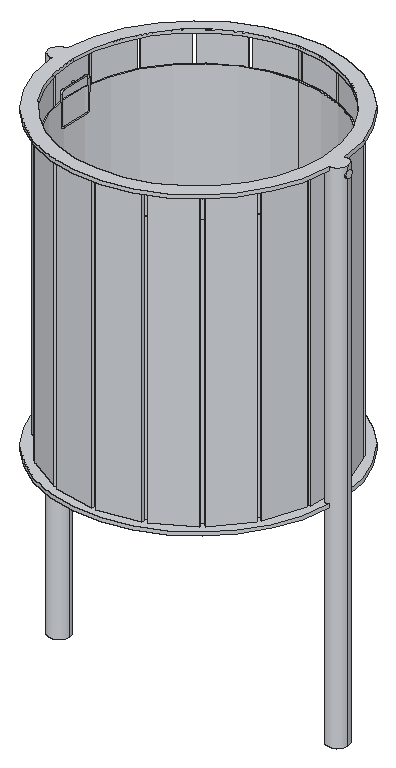
Revit family "Урна уличная круглая «Палермо компо»", category Антураж, Revit 2017
Family settings
  На основе рабочей плоскости = Нет
  Всегда вертикально = Да
  При загрузке вырезать с полостями = Нет
  Источник визуального образа = Геометрия семейства
  Общий = Нет
  Точка расчета площади = Нет
Parameters (values of type "Урна уличная круглая «Палермо компо»")
  Стоимость = 18360
  Изготовитель = "ООО \"Хоббика\""
  Высота = 0 mm
  URL = "https://hobbyka.ru/product/urna_ulichnaya_kruglaya_palermo_kompo/#close_popup_window"
  ADSK_Размер_Ширина = 440 mm
  ADSK_Размер_Глубина = 400 mm
  ADSK_Размер_Высота = 765 mm
  ADSK_Объем = 40.00 m³
  ADSK_Наименование = "Урна уличная круглая «Палермо компо»"
  ADSK_Материал урны = none
  ADSK_Материал ламелей = none
  ADSK_Материал ведра = none
  ADSK_Код изделия = "9677"
  ADSK_Вес = 20.00 kg  # constant formula
Types (3, lengths in mm): name | Изготовитель | URL | ADSK_Наименование | ADSK_Код изделия
  (no name) | "ООО \"Хоббика\"" | "https://hobbyka.ru/product/urna_ulichnaya_kruglaya_palermo_kompo/#close_popup_window" | "Урна уличная круглая «Палермо компо»" | "9677"
  Урна уличная круглая «Палермо натур» | "Хоббика" | "https://hobbyka.ru/product/urna_ulichnaya_kruglaya_palermo/" | "" | ""
  Урна уличная круглая «Палермо компо» | "ООО \"Хоббика\"" | "https://hobbyka.ru/product/urna_ulichnaya_kruglaya_palermo_kompo/#close_popup_window" | "Урна уличная круглая «Палермо компо»" | "9677"
Reference planes
  plane 1 "По центру (Вперед/Назад)": y = 0
  plane 2: z = 0
  plane 3 "По центру (Влево/Вправо)": x = 0
  plane 4: z = 315
  plane 5: z = 320
  plane 6: z = 760
  plane 7: z = 765
  plane 8 "Слева": x = -219.825
  plane 9 "Справа": x = 219.825
Forms (mm)
  Extrusion 1, solid, material <- "ADSK_Материал урны"
    sketch origin (0, 0, 0) x (1, 0, 0) y (0, 1, 0)
      loop
        circle (0, 0) r 204.991
    from 315 to 320
  Extrusion 2, solid, material <- "ADSK_Материал урны"
    sketch origin (0, 0, 445) x (1, 0, 0) y (0, 1, 0)
      loop
        circle (0, 0) r 204.991
      loop
        circle (0, 0) r 184.991
    from 315 to 320
  Extrusion 3, solid, material <- "ADSK_Материал урны"
    sketch origin (0, 0, 0) x (1, 0, 0) y (0, 1, 0)
      loop
        circle (-204.815, 0) r 15
      loop
        circle (204.991, 0) r 15
    from 0 to 765
  Revolve 4, solid, material <- "ADSK_Материал ведра"
    sketch origin (0, 0, 0) x (0, 1, 0) y (0, 0, 1)
      loop
        line (185, 720) -> (183.63, 720) -> (183.63, 321.648) -> (0, 321.648) -> (0, 320) -> (185, 320) -> (185, 720)
      axis (0, 720) -> (0, 320)
    angle from 0 to 360
  Extrusion 5, solid, material <- "ADSK_Материал ламелей"
    sketch origin (0, 0, 0) x (1, 0, 0) y (0, 1, 0)
      loop
        line (2.72, -188.716) -> (3.45, -192.649) -> (62.443, -181.699) -> (61.713, -177.766) -> (2.72, -188.716)
    from 320 to 760
  Extrusion 6, solid, material <- "ADSK_Материал ламелей"
    sketch origin (0, 0, 0) x (0.939713, -0.341965, 0) y (0.341965, 0.939713, 0)
      loop
        line (2.72, -188.716) -> (3.45, -192.649) -> (62.443, -181.699) -> (61.713, -177.766) -> (2.72, -188.716)
    from 320 to 760
  Extrusion 7, solid, material <- "ADSK_Материал ламелей"
    sketch origin (0, 0, 0) x (0.76612, -0.642698, 0) y (0.642698, 0.76612, 0)
      loop
        line (2.72, -188.716) -> (3.45, -192.649) -> (62.443, -181.699) -> (61.713, -177.766) -> (2.72, -188.716)
    from 320 to 760
  Extrusion 8, solid, material <- "ADSK_Материал ламелей"
    sketch origin (0, 0, 0) x (0.500152, -0.865938, 0) y (0.865938, 0.500152, 0)
      loop
        line (2.72, -188.716) -> (3.45, -192.649) -> (62.443, -181.699) -> (61.713, -177.766) -> (2.72, -188.716)
    from 320 to 760
  Extrusion 9, solid, material <- "ADSK_Материал ламелей"
    sketch origin (0, 0, 0) x (0.173878, -0.984767, 0) y (0.984767, 0.173878, 0)
      loop
        line (2.72, -188.716) -> (3.45, -192.649) -> (62.443, -181.699) -> (61.713, -177.766) -> (2.72, -188.716)
    from 320 to 760
  Extrusion 10, solid, material <- "ADSK_Материал ламелей"
    sketch origin (0, 0, 0) x (-0.17336, -0.984858, 0) y (0.984858, -0.17336, 0)
      loop
        line (2.72, -188.716) -> (3.45, -192.649) -> (62.443, -181.699) -> (61.713, -177.766) -> (2.72, -188.716)
    from 320 to 760
  Extrusion 11, solid, material <- "ADSK_Материал ламелей"
    sketch origin (0, 0, 0) x (-0.499696, -0.866201, 0) y (0.866201, -0.499696, 0)
      loop
        line (2.72, -188.716) -> (3.45, -192.649) -> (62.443, -181.699) -> (61.713, -177.766) -> (2.72, -188.716)
    from 320 to 760
  Extrusion 12, solid, material <- "ADSK_Материал ламелей"
    sketch origin (0, 0, 0) x (-0.765781, -0.643101, 0) y (0.643101, -0.765781, 0)
      loop
        line (2.72, -188.716) -> (3.45, -192.649) -> (62.443, -181.699) -> (61.713, -177.766) -> (2.72, -188.716)
    from 320 to 760
  Extrusion 13, solid, material <- "ADSK_Материал ламелей"
    sketch origin (0, 0, 0) x (-0.939533, -0.34246, 0) y (0.34246, -0.939533, 0)
      loop
        line (2.72, -188.716) -> (3.45, -192.649) -> (62.443, -181.699) -> (61.713, -177.766) -> (2.72, -188.716)
    from 320 to 760
  Extrusion 14, solid, material <- "ADSK_Материал ламелей"
    sketch origin (0, 0, 0) x (-1, -0.000526, 0) y (0.000526, -1, 0)
      loop
        line (2.72, -188.716) -> (3.45, -192.649) -> (62.443, -181.699) -> (61.713, -177.766) -> (2.72, -188.716)
    from 320 to 760
  Extrusion 15, solid, material <- "ADSK_Материал ламелей"
    sketch origin (0, 0, 0) x (-0.939892, 0.341471, 0) y (-0.341471, -0.939892, 0)
      loop
        line (2.72, -188.716) -> (3.45, -192.649) -> (62.443, -181.699) -> (61.713, -177.766) -> (2.72, -188.716)
    from 320 to 760
  Extrusion 16, solid, material <- "ADSK_Материал ламелей"
    sketch origin (0, 0, 0) x (-0.766458, 0.642295, 0) y (-0.642295, -0.766458, 0)
      loop
        line (2.72, -188.716) -> (3.45, -192.649) -> (62.443, -181.699) -> (61.713, -177.766) -> (2.72, -188.716)
    from 320 to 760
  Extrusion 17, solid, material <- "ADSK_Материал ламелей"
    sketch origin (0, 0, 0) x (-0.500608, 0.865674, 0) y (-0.865674, -0.500608, 0)
      loop
        line (2.72, -188.716) -> (3.45, -192.649) -> (62.443, -181.699) -> (61.713, -177.766) -> (2.72, -188.716)
    from 320 to 760
  Extrusion 18, solid, material <- "ADSK_Материал ламелей"
    sketch origin (0, 0, 0) x (-0.174397, 0.984675, 0) y (-0.984675, -0.174397, 0)
      loop
        line (2.72, -188.716) -> (3.45, -192.649) -> (62.443, -181.699) -> (61.713, -177.766) -> (2.72, -188.716)
    from 320 to 760
  Extrusion 19, solid, material <- "ADSK_Материал ламелей"
    sketch origin (0, 0, 0) x (0.172842, 0.98495, 0) y (-0.98495, 0.172842, 0)
      loop
        line (2.72, -188.716) -> (3.45, -192.649) -> (62.443, -181.699) -> (61.713, -177.766) -> (2.72, -188.716)
    from 320 to 760
  Extrusion 20, solid, material <- "ADSK_Материал ламелей"
    sketch origin (0, 0, 0) x (0.49924, 0.866464, 0) y (-0.866464, 0.49924, 0)
      loop
        line (2.72, -188.716) -> (3.45, -192.649) -> (62.443, -181.699) -> (61.713, -177.766) -> (2.72, -188.716)
    from 320 to 760
  Extrusion 21, solid, material <- "ADSK_Материал ламелей"
    sketch origin (0, 0, 0) x (0.765443, 0.643504, 0) y (-0.643504, 0.765443, 0)
      loop
        line (2.72, -188.716) -> (3.45, -192.649) -> (62.443, -181.699) -> (61.713, -177.766) -> (2.72, -188.716)
    from 320 to 760
  Extrusion 22, solid, material <- "ADSK_Материал ламелей"
    sketch origin (0, 0, 0) x (0.939352, 0.342954, 0) y (-0.342954, 0.939352, 0)
      loop
        line (2.72, -188.716) -> (3.45, -192.649) -> (62.443, -181.699) -> (61.713, -177.766) -> (2.72, -188.716)
    from 320 to 760
  Sweep 23, solid, material <- "ADSK_Материал урны"
    path origin (181.521, 0, 0) x (0, 1, 0) y (0, 0, -1)
      loop
        line (-20.991, -734.981) -> (21.007, -734.539)
        arc (21.007, -734.539) -> (23.823, -733.338) -> (24.964, -730.497) r 4
        line (24.964, -730.497) -> (24.521, -688.501)
        arc (24.521, -688.501) -> (23.32, -685.685) -> (20.479, -684.543) r 4
        line (20.479, -684.543) -> (-21.518, -684.985)
        arc (-21.518, -684.985) -> (-24.334, -686.186) -> (-25.476, -689.027) r 4
        line (-25.476, -689.027) -> (-25.032, -731.023)
        arc (-25.032, -731.023) -> (-23.831, -733.839) -> (-20.991, -734.981) r 4
    profile origin (181.521, 0.008, 734.76) x (0, -0.010521, -0.999945) y (-1, 0, 0)
      loop
        circle (0, 0) r 0.8
  Sweep 24, solid, material <- "ADSK_Материал урны"
    path origin (-181.521, 0, 0) x (0, 1, 0) y (0, 0, 1)
      loop
        arc (-20.991, 734.981) -> (-23.831, 733.839) -> (-25.032, 731.023) r 4
        line (-25.032, 731.023) -> (-25.476, 689.027)
        arc (-25.476, 689.027) -> (-24.334, 686.186) -> (-21.518, 684.985) r 4
        line (-21.518, 684.985) -> (20.479, 684.543)
        arc (20.479, 684.543) -> (23.32, 685.685) -> (24.521, 688.501) r 4
        line (24.521, 688.501) -> (24.964, 730.497)
        arc (24.964, 730.497) -> (23.823, 733.338) -> (21.007, 734.539) r 4
        line (21.007, 734.539) -> (-20.991, 734.981)
    profile origin (-181.521, 0.008, 734.76) x (0, 0.010521, 0.999945) y (1, 0, 0)
      loop
        circle (0, 0) r 0.8
Cuts and joins
  joined: Extrusion 1, Extrusion 2, Extrusion 3
Lines and regions (mm)
  symbolic lines
    curve 1: line (-219.65, 0, 0) -> (219.825, 0, 0)
    curve 2: line (0, 0, 0) -> (-219.65, 0, 0)
    curve 3: line (-219.825, 185, 720) -> (-219.825, 185, 710)
    curve 4: line (-219.825, 185, 710) -> (-219.825, 185, 720)
    curve 5: line (-219.825, 185, 720) -> (-219.825, 212.811, 720)
    curve 6: line (-219.825, 183.63, 720) -> (-219.825, 183.63, 710.945)
Dimensions and locks
  plane 5 to plane 4 to level = 5 mm locked, 315 mm locked
  equal spacing: plane 8 "Слева", plane 3 "По центру (Влево/Вправо)", plane 9 "Справа"
  aligned and locked: level to plane 2
  aligned and locked: plane 5 to Extrusion 1
  aligned and locked: Extrusion 1 to plane 4
  aligned and locked: plane 6 to Extrusion 5
  aligned and locked: Extrusion 5 to plane 5
Automatic sketch dimensions
  Extrusion 5 sketch curve to Extrusion 5 sketch curve = 58.992 mm
  Extrusion 5 sketch curve to Extrusion 5 sketch curve = 3.933 mm
  Extrusion 5 sketch curve to Extrusion 5 sketch curve = 0.73 mm
  Extrusion 6 sketch curve to Extrusion 6 sketch curve = 58.992 mm
  Extrusion 6 sketch curve to Extrusion 6 sketch curve = 3.933 mm
  Extrusion 6 sketch curve to Extrusion 6 sketch curve = 0.73 mm
  Extrusion 7 sketch curve to Extrusion 7 sketch curve = 58.992 mm
  Extrusion 7 sketch curve to Extrusion 7 sketch curve = 3.933 mm
  Extrusion 7 sketch curve to Extrusion 7 sketch curve = 0.73 mm
  Extrusion 8 sketch curve to Extrusion 8 sketch curve = 58.992 mm
  Extrusion 8 sketch curve to Extrusion 8 sketch curve = 3.933 mm
  Extrusion 8 sketch curve to Extrusion 8 sketch curve = 0.73 mm
  Extrusion 9 sketch curve to Extrusion 9 sketch curve = 58.992 mm
  Extrusion 9 sketch curve to Extrusion 9 sketch curve = 3.933 mm
  Extrusion 9 sketch curve to Extrusion 9 sketch curve = 0.73 mm
  Extrusion 10 sketch curve to Extrusion 10 sketch curve = 58.992 mm
  Extrusion 10 sketch curve to Extrusion 10 sketch curve = 3.933 mm
  Extrusion 10 sketch curve to Extrusion 10 sketch curve = 0.73 mm
  Extrusion 11 sketch curve to Extrusion 11 sketch curve = 58.992 mm
  Extrusion 11 sketch curve to Extrusion 11 sketch curve = 3.933 mm
  Extrusion 11 sketch curve to Extrusion 11 sketch curve = 0.73 mm
  Extrusion 12 sketch curve to Extrusion 12 sketch curve = 58.992 mm
  Extrusion 12 sketch curve to Extrusion 12 sketch curve = 3.933 mm
  Extrusion 12 sketch curve to Extrusion 12 sketch curve = 0.73 mm
  Extrusion 13 sketch curve to Extrusion 13 sketch curve = 58.992 mm
  Extrusion 13 sketch curve to Extrusion 13 sketch curve = 3.933 mm
  Extrusion 13 sketch curve to Extrusion 13 sketch curve = 0.73 mm
  Extrusion 14 sketch curve to Extrusion 14 sketch curve = 58.992 mm
  Extrusion 14 sketch curve to Extrusion 14 sketch curve = 3.933 mm
  Extrusion 14 sketch curve to Extrusion 14 sketch curve = 0.73 mm
  Extrusion 15 sketch curve to Extrusion 15 sketch curve = 58.992 mm
  Extrusion 15 sketch curve to Extrusion 15 sketch curve = 3.933 mm
  Extrusion 15 sketch curve to Extrusion 15 sketch curve = 0.73 mm
  Extrusion 16 sketch curve to Extrusion 16 sketch curve = 58.992 mm
  Extrusion 16 sketch curve to Extrusion 16 sketch curve = 3.933 mm
  Extrusion 16 sketch curve to Extrusion 16 sketch curve = 0.73 mm
  Extrusion 17 sketch curve to Extrusion 17 sketch curve = 58.992 mm
  Extrusion 17 sketch curve to Extrusion 17 sketch curve = 3.933 mm
  Extrusion 17 sketch curve to Extrusion 17 sketch curve = 0.73 mm
  Extrusion 18 sketch curve to Extrusion 18 sketch curve = 58.992 mm
  Extrusion 18 sketch curve to Extrusion 18 sketch curve = 3.933 mm
  Extrusion 18 sketch curve to Extrusion 18 sketch curve = 0.73 mm
  Extrusion 19 sketch curve to Extrusion 19 sketch curve = 58.992 mm
  Extrusion 19 sketch curve to Extrusion 19 sketch curve = 3.933 mm
  Extrusion 19 sketch curve to Extrusion 19 sketch curve = 0.73 mm
  Extrusion 20 sketch curve to Extrusion 20 sketch curve = 58.992 mm
  Extrusion 20 sketch curve to Extrusion 20 sketch curve = 3.933 mm
  Extrusion 20 sketch curve to Extrusion 20 sketch curve = 0.73 mm
  Extrusion 21 sketch curve to Extrusion 21 sketch curve = 58.992 mm
  Extrusion 21 sketch curve to Extrusion 21 sketch curve = 3.933 mm
  Extrusion 21 sketch curve to Extrusion 21 sketch curve = 0.73 mm
  Extrusion 22 sketch curve to Extrusion 22 sketch curve = 58.992 mm
  Extrusion 22 sketch curve to Extrusion 22 sketch curve = 3.933 mm
  Extrusion 22 sketch curve to Extrusion 22 sketch curve = 0.73 mm
  plane 1 "По центру (Вперед/Назад)" to curve 2 = 0 mm
  curve 2 to plane 3 "По центру (Влево/Вправо)" = 0 mm
  curve 1 to plane 9 "Справа" = 0 mm
  plane 8 "Слева" to curve 1 = 0.175 mm
  plane 1 "По центру (Вперед/Назад)" to Extrusion 1 sketch curve = 0 mm
  Extrusion 1 sketch curve to plane 3 "По центру (Влево/Вправо)" = 0 mm
  Extrusion 2 sketch curve to Extrusion 2 sketch curve = 0 mm  (x2)
  plane 1 "По центру (Вперед/Назад)" to Extrusion 2 sketch curve = 0 mm
  Extrusion 2 sketch curve to plane 3 "По центру (Влево/Вправо)" = 0 mm
  plane 1 "По центру (Вперед/Назад)" to Extrusion 3 sketch curve = 0 mm  (x2)
  plane 8 "Слева" to Extrusion 3 sketch curve = 15.009 mm
  Extrusion 3 sketch curve to plane 9 "Справа" = 14.834 mm
  curve 4 to plane 6 = 40 mm
  curve 4 to plane 1 "По центру (Вперед/Назад)" = 185 mm
  curve 4 to curve 3 = 10 mm
  curve 6 to curve 3 = 1.37 mm
  curve 3 to curve 5 = 27.811 mm
  curve 3 to curve 6 = 0.945 mm
  curve 6 to curve 3 = 0 mm
  Revolve 4 sketch curve to plane 1 "По центру (Вперед/Назад)" = 0 mm  (x2)
  Revolve 4 sketch curve to plane 5 = 0 mm
  plane 5 to Revolve 4 sketch curve = 1.648 mm
  Revolve 4 sketch curve to Revolve 4 sketch curve = 183.63 mm
  Revolve 4 sketch curve to Revolve 4 sketch curve = 1.37 mm
  Revolve 4 sketch curve to plane 6 = 40 mm
  Revolve 4 sketch curve to level = 520.992 mm
  plane 7 to Revolve 4 sketch curve = 1976.474 mm
  plane 1 "По центру (Вперед/Назад)" to Sweep 23 sketch curve = 25.476 mm
  plane 1 "По центру (Вперед/Назад)" to Sweep 23 sketch curve = 25.032 mm
  Sweep 23 sketch curve to Sweep 23 sketch curve = 3.958 mm  (x2)
  Sweep 23 sketch curve to Sweep 23 sketch curve = 0.042 mm  (x6)
  Sweep 23 sketch curve to Sweep 23 sketch curve = 4 mm  (x4)
  Sweep 23 sketch curve to plane 1 "По центру (Вперед/Назад)" = 20.479 mm
  Sweep 23 sketch curve to plane 1 "По центру (Вперед/Назад)" = 20.965 mm
  Sweep 23 sketch curve to plane 6 = 25.019 mm
  Sweep 23 sketch curve to plane 6 = 25.461 mm
  Sweep 23 sketch curve to Sweep 23 sketch curve = 41.996 mm  (x2)
  profile plane to Sweep 23 sketch curve = 0 mm
  Sweep 23 sketch curve to profile plane = 0 mm
  plane 1 "По центру (Вперед/Назад)" to Sweep 24 sketch curve = 25.476 mm
  plane 1 "По центру (Вперед/Назад)" to Sweep 24 sketch curve = 25.032 mm
  Sweep 24 sketch curve to Sweep 24 sketch curve = 3.958 mm  (x2)
  Sweep 24 sketch curve to Sweep 24 sketch curve = 0.042 mm  (x6)
  Sweep 24 sketch curve to Sweep 24 sketch curve = 4 mm  (x4)
  Sweep 24 sketch curve to plane 1 "По центру (Вперед/Назад)" = 20.479 mm
  Sweep 24 sketch curve to plane 1 "По центру (Вперед/Назад)" = 20.965 mm
  Sweep 24 sketch curve to plane 6 = 75.457 mm
  Sweep 24 sketch curve to Sweep 24 sketch curve = 0.442 mm
  Sweep 24 sketch curve to plane 6 = 29.503 mm
  Sweep 24 sketch curve to plane 6 = 29.019 mm
  Sweep 24 sketch curve to profile plane = 0 mm  (x2)
  plane 3 "По центру (Влево/Вправо)" to Extrusion 5 sketch curve = 2.72 mm
  plane 1 "По центру (Вперед/Назад)" to Extrusion 5 sketch curve = 192.649 mm
  Extrusion 6 sketch curve to plane 3 "По центру (Влево/Вправо)" = 61.978 mm
  plane 1 "По центру (Вперед/Назад)" to Extrusion 6 sketch curve = 178.269 mm
  plane 8 "Слева" to Extrusion 7 sketch curve = 100.622 mm
  plane 1 "По центру (Вперед/Назад)" to Extrusion 7 sketch curve = 146.327 mm
  plane 8 "Слева" to Extrusion 8 sketch curve = 57.769 mm
  plane 1 "По центру (Вперед/Назад)" to Extrusion 8 sketch curve = 96.742 mm
  plane 8 "Слева" to Extrusion 9 sketch curve = 34.457 mm
  plane 1 "По центру (Вперед/Назад)" to Extrusion 9 sketch curve = 35.493 mm
  Extrusion 10 sketch curve to plane 1 "По центру (Вперед/Назад)" = 30.037 mm
  plane 8 "Слева" to Extrusion 10 sketch curve = 33.495 mm
  plane 8 "Слева" to Extrusion 11 sketch curve = 55 mm
  Extrusion 11 sketch curve to plane 1 "По центру (Вперед/Назад)" = 91.944 mm
  plane 8 "Слева" to Extrusion 12 sketch curve = 96.378 mm
  Extrusion 12 sketch curve to plane 1 "По центру (Вперед/Назад)" = 142.766 mm
  Extrusion 13 sketch curve to plane 3 "По центру (Влево/Вправо)" = 67.183 mm
  Extrusion 13 sketch curve to plane 1 "По центру (Вперед/Назад)" = 176.373 mm
  Extrusion 14 sketch curve to plane 3 "По центру (Влево/Вправо)" = 2.82 mm
  Extrusion 14 sketch curve to plane 1 "По центру (Вперед/Назад)" = 188.715 mm
  plane 3 "По центру (Влево/Вправо)" to Extrusion 15 sketch curve = 61.884 mm
  Extrusion 15 sketch curve to plane 1 "По центру (Вперед/Назад)" = 178.302 mm
  Extrusion 16 sketch curve to plane 9 "Справа" = 100.699 mm
  Extrusion 16 sketch curve to plane 1 "По центру (Вперед/Назад)" = 146.39 mm
  Extrusion 17 sketch curve to plane 9 "Справа" = 57.82 mm
  Extrusion 17 sketch curve to plane 1 "По центру (Вперед/Назад)" = 96.828 mm
  Extrusion 18 sketch curve to plane 9 "Справа" = 34.475 mm
  Extrusion 18 sketch curve to plane 1 "По центру (Вперед/Назад)" = 35.59 mm
  plane 1 "По центру (Вперед/Назад)" to Extrusion 19 sketch curve = 29.939 mm
  Extrusion 19 sketch curve to plane 9 "Справа" = 33.479 mm
  Extrusion 20 sketch curve to plane 9 "Справа" = 54.951 mm
  plane 1 "По центру (Вперед/Назад)" to Extrusion 20 sketch curve = 91.858 mm
  Extrusion 21 sketch curve to plane 9 "Справа" = 96.303 mm
  plane 1 "По центру (Вперед/Назад)" to Extrusion 21 sketch curve = 142.701 mm
  plane 3 "По центру (Влево/Вправо)" to Extrusion 22 sketch curve = 67.276 mm
  plane 1 "По центру (Вперед/Назад)" to Extrusion 22 sketch curve = 176.338 mm
  radius of Extrusion 1 sketch curve = 204.991 mm
  radius of Extrusion 2 sketch curve = 204.991 mm
  radius of Extrusion 2 sketch curve = 184.991 mm
  radius of Extrusion 3 sketch curve = 15 mm  (x2)
  radius of Sweep 23 sketch curve = 0.8 mm
  radius of Sweep 24 sketch curve = 0.8 mm
Nested families
  nested 1: "Семейство6" at (-219.815, 0, 733.224) x (-1, 0, 0) z (0, 0, 1), Материал <- "ADSK_Материал урны", type "Семейство6"
    with Материал none
  nested 2: "Семейство6" at (219.815, 0, 755), Материал <- "ADSK_Материал урны", type "Семейство6"
    with Материал none
Definition of nested family "Семейство6"
  Parameters (values of type "Семейство6")
    Материал [instance] = none
  Reference planes
    plane 1 "По центру (Вперед/Назад)": y = 0
    plane 2: z = 0
    plane 3 "По центру (Влево/Вправо)": x = 0
  Forms (mm)
    Extrusion 1, solid, material <- "Материал"
      sketch origin (0, 0, 0) x (0, 0, -1) y (0, 1, 0)
        loop
          circle (0, 0) r 5
      from 0 to 2
    Extrusion 2, solid, material <- "Материал"
      sketch origin (0, 0, 0) x (0, 0, -1) y (0, 1, 0)
        loop
          circle (0, 0) r 2
      from -35 to 0
  Dimensions and locks
    aligned and locked: level to plane 2
